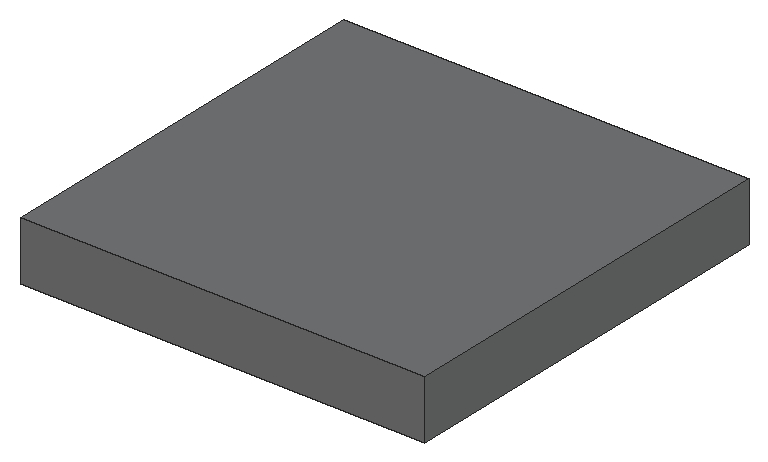
Revit family "Gira_026827", category Electrical Fixtures, host Face, Revit 2017
Family settings
  Host = Face
  Maintain Annotation Orientation = No
  Round Connector Dimension = Use Diameter
  Part Type = Normal
  Cut with Voids When Loaded = No
  Shared = No
  Room Calculation Point = No
Parameters (values of type "Blindabd. Tragring System 55 Reinweiß m")
  Zusammenstellung = "Zentralplatte"
  Werkstoffgüte = "sonstige"
  Werkstoff = "sonstige"
  Verwendung = "Blindabdeckung"
  URL = "http://katalog.gira.de/de_DE/datenblatt.html?artikelnr=026827"
  Transparent = "No"
  Tragring = "Yes"
  Region = "DE"
  RAL-Nummer (ähnlich) = "9010 "
  Oberfläche = "sonstige"
  Name = "Blindabd. Tragring System 55 Reinweiß m"
  Montageart = "unter Putz"
  Mit Zugentlastung = "No"
  Mit Staubschutz = "No"
  Mit Klappdeckel = "No"
  Mit Aufdruck = "No"
  Manufacturer URL = "https://www.gira.de/"
  Lüsterklemme = "No"
  Keynote = "Sys55_Abdeckung_Schalten und Tasten"
  HeinzeBIM = "https://bimportal.heinze.de/bim/blindabd-tragring-system-55-reinweiss-m/072fe24735d75152b2c895baa1579b366551e07f"
  Halogenfrei = "Yes"
  HAN = "026827"
  Geeignet für Schutzart (IP) = "IP20"
  GTIN = "4010337268277"
  Farbe = "weiß"
  Default Elevation = 1219.2 mm
  Data sheet (1) = "https://katalog.gira.de/de_DE/download.html?artikelnr=026827"
  Category = "Einsatz/Abdeckung für Kommunikationstechnik"
  Beschriftungsfeld = "ohne Beschriftungsfeld"
  Befestigungsart = "Befestigung mit Schraube"
  Available = "Yes"
  Ausführung der Oberfläche = "matt"
  Anthrazit [instance] = Anthrazit
Reference planes
  plane 1 "Center (Front/Back)": y = 0
  plane 2: z = 0
  plane 3 "Center (Left/Right)": x = 0
Forms (mm)
  Extrusion 1, solid, material "Anthrazit" <- "Anthrazit", detail levels fine
    sketch origin (0, 0, 0) x (1, 0, 0) y (0, 1, 0)
      loop
        line (-27.5, 27.5) -> (-27.5, -27.5) -> (27.5, -27.5) -> (27.5, 27.5) -> (-27.5, 27.5)
    from 0 to 8
  Extrusion 2, void
    sketch origin (0, 0, 0) x (1, 0, 0) y (0, 1, 0)
      loop
        line (26, 26) -> (-26, 26) -> (-26, -26) -> (26, -26) -> (26, 26)
    from 0 to 6
  Extrusion 3, solid, material "Anthrazit" <- "Anthrazit", detail levels medium
    sketch origin (0, 0, 0) x (1, 0, 0) y (0, 1, 0)
      loop
        line (-27.5, 27.5) -> (-27.5, -27.5) -> (27.5, -27.5) -> (27.5, 27.5) -> (-27.5, 27.5)
    from 0 to 8
  Extrusion 4, solid, material "Anthrazit" <- "Anthrazit", detail levels medium
    sketch origin (0, 0, 0) x (1, 0, 0) y (0, 1, 0)
      loop
        line (11, -17.5) -> (11, 17.5) -> (-11, 17.5) -> (-11, -17.5) -> (11, -17.5)
    from -6 to 6
  Extrusion 5, solid, material "Anthrazit" <- "Anthrazit", detail levels fine
    sketch origin (0, 0, 0) x (1, 0, 0) y (0, 1, 0)
      loop
        line (11, 17.5) -> (-11, 17.5) -> (-11, 16.5) -> (11, 16.5) -> (11, 17.5)
      loop
        line (-11, -16.5) -> (-11, -17.5) -> (11, -17.5) -> (11, -16.5) -> (-11, -16.5)
    from -4 to 6
  Extrusion 6, solid, material "Anthrazit" <- "Anthrazit", detail levels fine
    sketch origin (0, 0, 0) x (1, 0, 0) y (0, 1, 0)
      loop
        arc (5, 9.347) -> (0, 10.6) -> (-5, 9.347) r 10.6
        line (-5, 9.347) -> (-5, -9.347)
        arc (-5, -9.347) -> (0, -10.6) -> (5, -9.347) r 10.6
        line (5, -9.347) -> (5, 9.347)
    from -6 to 6
  Extrusion 7, solid, material "Anthrazit" <- "Anthrazit", detail levels coarse
    sketch origin (0, 0, 0) x (1, 0, 0) y (0, 1, 0)
      loop
        line (-27.5, 27.5) -> (-27.5, -27.5) -> (27.5, -27.5) -> (27.5, 27.5) -> (-27.5, 27.5)
    from -6 to 8
Cuts and joins
  Extrusion 2 cuts Extrusion 1
Dimensions and locks
  aligned and locked: plane 2 to host face
  aligned and locked: level to host face
